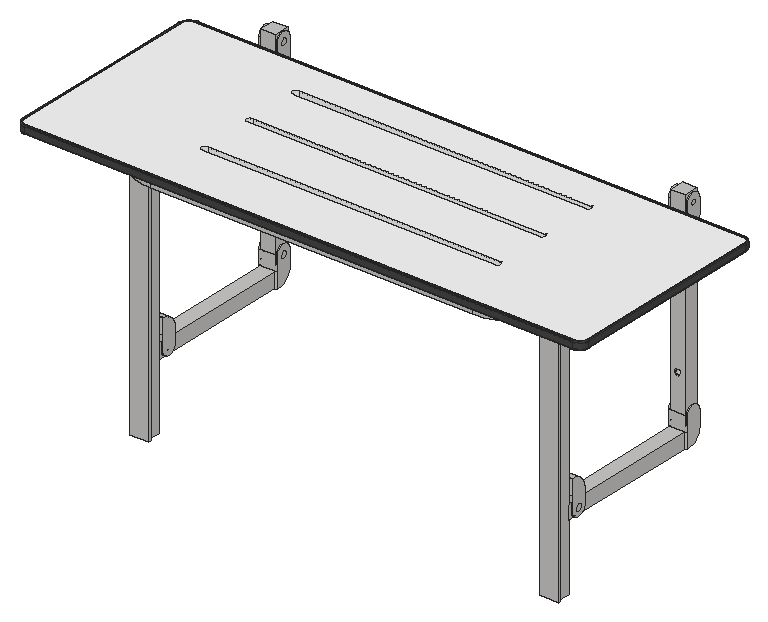
Revit family "Shower Seat_Metlam_Folding_Support Legs", category Specialty Equipment, Revit 2016
Family settings
  Part Type = Normal
  Round Connector Dimension = Use Diameter
  OmniClass Number = 23.45.05.14.11.17
  OmniClass Title = Shower/Bath Seats
  Work Plane-Based = No
  Always vertical = Yes
  Cut with Voids When Loaded = No
  Shared = No
  Room Calculation Point = Yes
Parameters (values of type "960w x 395d x 498h (ML995_CL)")
  URL = "http://www.metlam.com.au/"
  Type Comments = "Shower Seats"  # constant formula
  Model = "ML995_CL"
  Material_ANZRS = z_Metlam_White
  Frame_Material = z_Metlam_Metal_Stainless Steel_Satin
  Manufacturer_URL__Product Specific = "https://metlam.com.au/product/content/shower-seats-shower-related/ML995_CL"
  Manufacturer_Spec Code = Model  # "ML995_CL"
  Manufacturer_Overall Width = 960 mm  # constant formula
  Manufacturer_Overall Height = 498 mm  # constant formula
  Manufacturer_Overall Depth = 395 mm  # constant formula
  Manufacturer_Height From FFL [instance] = 476 mm
  Manufacturer = "Metlam"  # constant formula
  Keynote = ""
  Seat Edge_Material = z_Metlam_Black
  Description = "Compact Laminate Folding Shower Seat"  # constant formula
  CreatedBy_ANZRS = "IGS BIM Solutions"  # constant formula
  CreatedByURL_ANZRS = "http://www.igsgroup.com.au/"
  Assembly Code = ""
Reference planes
  plane 1 "Ref. Level": z = 0
  plane 2 "Front": y = -615.9
  plane 3 "Center (Left/Right)": x = -194.828
  plane 4 "Top": z = 498
  plane 5 "Right": x = 285.172
  plane 6 "Bottom": z = 0
  plane 7 "Left": x = -674.828
  plane 8 "Back": y = -220.9
  plane 9 "Center (Front/Back)": y = -418.4
  plane 10 "Mounting Height": z = 476
Forms (mm)
  Extrusion 1, solid, material "z_Metlam_White" <- "Material_ANZRS"
    sketch origin (0, 0, 498) x (-1, 0, 0) y (0, -1, 0)
      loop
        arc (434.915, 315.255) -> (441.015, 321.355) -> (434.915, 327.455) r 6.1
        line (434.915, 327.455) -> (-60.789, 327.455)
        arc (-60.789, 327.455) -> (-66.889, 321.355) -> (-60.789, 315.255) r 6.1
        line (-60.789, 315.255) -> (434.915, 315.255)
      loop
        arc (435.579, 412.145) -> (441.678, 418.245) -> (435.579, 424.345) r 6.1
        line (435.579, 424.345) -> (-60.126, 424.345)
        arc (-60.126, 424.345) -> (-66.226, 418.245) -> (-60.126, 412.145) r 6.1
        line (-60.126, 412.145) -> (435.579, 412.145)
      loop
        arc (434.25, 508.721) -> (440.349, 514.821) -> (434.25, 520.921) r 6.1
        line (434.25, 520.921) -> (-61.455, 520.921)
        arc (-61.455, 520.921) -> (-67.554, 514.821) -> (-61.455, 508.721) r 6.1
        line (-61.455, 508.721) -> (434.25, 508.721)
      loop
        arc (659.828, 255.354) -> (668.667, 259.015) -> (672.328, 267.854) r 12.5
        line (672.328, 267.854) -> (672.328, 600.9)
        arc (672.328, 600.9) -> (668.667, 609.738) -> (659.828, 613.4) r 12.5
        line (659.828, 613.4) -> (-270.172, 613.4)
        arc (-270.172, 613.4) -> (-279.011, 609.738) -> (-282.672, 600.9) r 12.5
        line (-282.672, 600.9) -> (-282.672, 267.854)
        arc (-282.672, 267.854) -> (-279.011, 259.015) -> (-270.172, 255.354) r 12.5
        line (-270.172, 255.354) -> (659.828, 255.354)
    from -35.011 to -22
  Extrusion 2, solid, material "z_Metlam_Metal_Stainless Steel_Satin" <- "Frame_Material"
    sketch origin (-688.842, 0, 0) x (0, 0, 1) y (0, -1, 0)
      loop
        line (498, 220.9) -> (498, 245.9) -> (147.965, 245.9) -> (147.965, 220.9) -> (498, 220.9)
    from 134.014 to 159.014
  Extrusion 3, solid, material "z_Metlam_Metal_Stainless Steel_Satin" <- "Frame_Material"
    sketch origin (-688.842, 0, 0) x (0, 0, 1) y (0, -1, 0)
      loop
        arc (461.532, 488.498) -> (454.463, 508.023) -> (436.532, 518.498) r 30.5
        line (436.532, 518.498) -> (436.532, 468.099)
        arc (436.532, 468.099) -> (449.032, 455.599) -> (461.532, 468.099) r 12.5
        line (461.532, 468.099) -> (461.532, 488.498)
      loop
        circle (449.134, 469.509) r 5
    from 130.514 to 162.514
  Extrusion 4, solid, material "z_Metlam_Metal_Stainless Steel_Satin" <- "Frame_Material"
    sketch origin (-692.342, 0, 0) x (0, 0, 1) y (0, -1, 0)
      loop
        line (436.532, 245.9) -> (436.532, 244.426)
        arc (436.532, 244.426) -> (443.423, 227.79) -> (460.059, 220.9) r 23.527
        line (460.059, 220.9) -> (485.36, 220.9)
        arc (485.36, 220.9) -> (497.86, 233.4) -> (485.36, 245.9) r 12.5
        line (485.36, 245.9) -> (436.532, 245.9)
      loop
        circle (482.794, 233.181) r 5
    from 134.014 to 166.014
  Extrusion 5, solid, material "z_Metlam_Metal_Stainless Steel_Satin" <- "Frame_Material"
    sketch origin (299.186, 0, 0) x (0, 0, 1) y (0, 1, 0)
      loop
        line (498, -220.9) -> (147.965, -220.9) -> (147.965, -245.9) -> (498, -245.9) -> (498, -220.9)
    from 134.014 to 159.014
  Extrusion 6, solid, material "z_Metlam_Metal_Stainless Steel_Satin" <- "Frame_Material"
    sketch origin (299.186, 0, 0) x (0, 0, 1) y (0, 1, 0)
      loop
        line (461.532, -488.498) -> (461.532, -468.099)
        arc (461.532, -468.099) -> (449.032, -455.599) -> (436.532, -468.099) r 12.5
        line (436.532, -468.099) -> (436.532, -518.498)
        arc (436.532, -518.498) -> (454.463, -508.023) -> (461.532, -488.498) r 30.5
    from 130.514 to 162.514
  Extrusion 7, solid, material "z_Metlam_Metal_Stainless Steel_Satin" <- "Frame_Material"
    sketch origin (302.686, 0, 0) x (0, 0, 1) y (0, 1, 0)
      loop
        line (436.532, -245.9) -> (485.36, -245.9)
        arc (485.36, -245.9) -> (497.86, -233.4) -> (485.36, -220.9) r 12.5
        line (485.36, -220.9) -> (460.059, -220.9)
        arc (460.059, -220.9) -> (443.423, -227.79) -> (436.532, -244.426) r 23.527
        line (436.532, -244.426) -> (436.532, -245.9)
      loop
        circle (482.794, -233.181) r 5
    from 134.014 to 166.014
  Extrusion 8, solid, material "z_Metlam_Metal_Stainless Steel_Satin" <- "Frame_Material"
    sketch origin (140.416, 0, 0) x (0, 0, 1) y (0, -1, 0)
      loop
        line (138.155, 493.498) -> (113.093, 493.498) -> (113.093, 245.9) -> (138.155, 245.9) -> (138.155, 493.498)
    from -0.244 to 24.756
  Extrusion 9, void
    sketch origin (0, -220.9, 0) x (-1, 0, 0) y (0, 0, -1)
      loop
        circle (-152.672, -413) r 5
      loop
        circle (-152.672, -225) r 5
      loop
        circle (542.328, -413) r 5
      loop
        circle (542.328, -225) r 5
    from 0 to 25
  Sweep 10, solid, material "z_Metlam_Metal_Stainless Steel_Satin" <- "Frame_Material"
    path origin (0, 0, 498) x (-1, 0, 0) y (0, -1, 0)
      loop
        line (-152.672, 245.9) -> (-152.672, 500.354)
        arc (-152.672, 500.354) -> (-130.705, 553.387) -> (-77.672, 575.354) r 75
        line (-77.672, 575.354) -> (467.328, 575.354)
        arc (467.328, 575.354) -> (520.361, 553.387) -> (542.328, 500.354) r 75
        line (542.328, 500.354) -> (542.328, 245.9)
    profile origin (-542.328, -373.127, 498) x (-1, 0, 0) y (0, 0, 1)
      loop
        line (12.5, -35.011) -> (-12.5, -35.011) -> (-12.5, -61.468) -> (12.5, -61.468) -> (12.5, -35.011)
  Extrusion 11, solid, material "z_Metlam_Metal_Stainless Steel_Satin" <- "Frame_Material"
    sketch origin (168.672, 0, 0) x (0, 0, 1) y (0, 1, 0)
      loop
        line (162.885, -220.9) -> (136.861, -220.9)
        arc (136.861, -220.9) -> (120.055, -227.861) -> (113.093, -244.667) r 23.768
        line (113.093, -244.667) -> (113.093, -245.9) -> (162.885, -245.9)
        arc (162.885, -245.9) -> (175.385, -233.4) -> (162.885, -220.9) r 12.5
    from 0 to 32
  Extrusion 12, solid, material "z_Metlam_Metal_Stainless Steel_Satin" <- "Frame_Material"
    sketch origin (-558.328, 0, 0) x (0, 0, 1) y (0, -1, 0)
      loop
        arc (162.885, 220.9) -> (175.385, 233.4) -> (162.885, 245.9) r 12.5
        line (162.885, 245.9) -> (113.093, 245.9) -> (113.093, 244.667)
        arc (113.093, 244.667) -> (120.055, 227.861) -> (136.861, 220.9) r 23.768
        line (136.861, 220.9) -> (162.885, 220.9)
    from 0 to 32
  Extrusion 13, solid, material "z_Metlam_Metal_Stainless Steel_Satin" <- "Frame_Material"
    sketch origin (0, 0, 498) x (-1, 0, 0) y (0, -1, 0)
      loop
        arc (-136.672, 245.9) -> (-139.147, 246.925) -> (-140.172, 249.4) r 3.5
        line (-140.172, 249.4) -> (-140.172, 245.9) -> (-136.672, 245.9)
      loop
        line (-168.672, 245.9) -> (-165.172, 245.9) -> (-165.172, 249.4)
        arc (-165.172, 249.4) -> (-166.197, 246.925) -> (-168.672, 245.9) r 3.5
      loop
        line (526.328, 245.9) -> (529.828, 245.9) -> (529.828, 249.4)
        arc (529.828, 249.4) -> (528.803, 246.925) -> (526.328, 245.9) r 3.5
      loop
        arc (558.328, 245.9) -> (555.853, 246.925) -> (554.828, 249.4) r 3.5
        line (554.828, 249.4) -> (554.828, 245.9) -> (558.328, 245.9)
    from -61.468 to -36.468
  Extrusion 14, solid, material "z_Metlam_Metal_Stainless Steel_Satin" <- "Frame_Material"
    sketch origin (0, 0, 0) x (-1, 0, 0) y (0, -1, 0)
      loop
        arc (-136.672, 245.9) -> (-139.147, 246.925) -> (-140.172, 249.4) r 3.5
        line (-140.172, 249.4) -> (-140.172, 245.9) -> (-136.672, 245.9)
      loop
        line (-165.172, 245.9) -> (-165.172, 249.4)
        arc (-165.172, 249.4) -> (-166.197, 246.925) -> (-168.672, 245.9) r 3.5
        line (-168.672, 245.9) -> (-165.172, 245.9)
      loop
        line (526.328, 245.9) -> (529.828, 245.9) -> (529.828, 249.4)
        arc (529.828, 249.4) -> (528.803, 246.925) -> (526.328, 245.9) r 3.5
      loop
        line (554.828, 245.9) -> (558.328, 245.9)
        arc (558.328, 245.9) -> (555.853, 246.925) -> (554.828, 249.4) r 3.5
        line (554.828, 249.4) -> (554.828, 245.9)
    from 113.093 to 138.155
  Extrusion 15, solid, material "z_Metlam_Metal_Stainless Steel_Satin" <- "Frame_Material"
    sketch origin (-530.072, 0, 0) x (0, 0, 1) y (0, 1, 0)
      loop
        line (138.155, -493.498) -> (138.155, -245.9) -> (113.093, -245.9) -> (113.093, -493.498) -> (138.155, -493.498)
    from -0.244 to 24.756
  Extrusion 16, solid, material "z_Metlam_Metal_Stainless Steel_Satin" <- "Frame_Material"
    sketch origin (171.672, 0, 0) x (0, 0, 1) y (0, 1, 0)
      loop
        circle (159.423, -233.678) r 5
      loop
        circle (482.794, -233.181) r 5
      loop
        circle (449.134, -469.509) r 5
    from 3 to 35
  Extrusion 17, solid, material "z_Metlam_Metal_Stainless Steel_Satin" <- "Frame_Material"
    sketch origin (-561.328, 0, 0) x (0, 0, 1) y (0, -1, 0)
      loop
        circle (159.423, 233.678) r 5
      loop
        circle (482.794, 233.181) r 5
      loop
        circle (449.134, 469.509) r 5
    from 3 to 35
  Extrusion 18, solid, material "z_Metlam_Metal_Stainless Steel_Satin" <- "Frame_Material"
    sketch origin (168.672, -246.098, 2088.478) x (0, 0, -1) y (0, -1, 0)
      loop
        arc (1962.885, 218.4) -> (1975.385, 230.9) -> (1962.885, 243.4) r 12.5
        line (1962.885, 243.4) -> (1913.093, 243.4) -> (1913.093, 242.167)
        arc (1913.093, 242.167) -> (1920.055, 225.361) -> (1936.861, 218.4) r 23.768
        line (1936.861, 218.4) -> (1962.885, 218.4)
    from 0 to 32
  Extrusion 19, solid, material "z_Metlam_Metal_Stainless Steel_Satin" <- "Frame_Material"
    sketch origin (165.172, 0, 0) x (0, 0, 1) y (0, 1, 0)
      loop
        line (175.385, -489.498) -> (150.385, -489.498) -> (150.385, -493.498) -> (175.385, -493.498) -> (175.385, -489.498)
    from 0 to 25
  Extrusion 20, solid, material "z_Metlam_Metal_Stainless Steel_Satin" <- "Frame_Material"
    sketch origin (-554.828, 0, 0) x (0, 0, 1) y (0, -1, 0)
      loop
        line (175.385, 489.498) -> (175.385, 493.498) -> (150.385, 493.498) -> (150.385, 489.498) -> (175.385, 489.498)
    from 0 to 25
  Extrusion 21, solid, material "z_Metlam_Metal_Stainless Steel_Satin" <- "Frame_Material"
    sketch origin (171.672, 0, 0) x (0, 0, 1) y (0, 1, 0)
      loop
        circle (126.647, -476.998) r 5
    from 3 to 35
  Extrusion 22, solid, material "z_Metlam_Metal_Stainless Steel_Satin" <- "Frame_Material"
    sketch origin (-561.328, 0, 0) x (0, 0, 1) y (0, -1, 0)
      loop
        circle (126.647, 476.998) r 5
    from 3 to 35
  Extrusion 23, solid, material "z_Metlam_Metal_Stainless Steel_Satin" <- "Frame_Material"
    sketch origin (-558.328, -246.098, 2088.478) x (0, 0, -1) y (0, 1, 0)
      loop
        line (1962.885, -218.4) -> (1936.861, -218.4)
        arc (1936.861, -218.4) -> (1920.055, -225.361) -> (1913.093, -242.167) r 23.768
        line (1913.093, -242.167) -> (1913.093, -243.4) -> (1962.885, -243.4)
        arc (1962.885, -243.4) -> (1975.385, -230.9) -> (1962.885, -218.4) r 12.5
    from 0 to 32
  Extrusion 24, solid, material "z_Metlam_Metal_Stainless Steel_Satin" <- "Frame_Material"
    sketch origin (0, 0, 0) x (-1, 0, 0) y (0, -1, 0)
      loop
        arc (558.328, 489.498) -> (555.853, 490.523) -> (554.828, 492.998) r 3.5
        line (554.828, 492.998) -> (554.828, 489.498) -> (558.328, 489.498)
      loop
        line (526.328, 489.498) -> (529.828, 489.498) -> (529.828, 492.998)
        arc (529.828, 492.998) -> (528.803, 490.523) -> (526.328, 489.498) r 3.5
      loop
        line (-168.672, 489.498) -> (-165.172, 489.498) -> (-165.172, 492.998)
        arc (-165.172, 492.998) -> (-166.197, 490.523) -> (-168.672, 489.498) r 3.5
      loop
        arc (-136.672, 489.498) -> (-139.147, 490.523) -> (-140.172, 492.998) r 3.5
        line (-140.172, 492.998) -> (-140.172, 489.498) -> (-136.672, 489.498)
    from 150.385 to 175.385
  Extrusion 25, solid, material "z_Metlam_Metal_Stainless Steel_Satin" <- "Frame_Material"
    sketch origin (0, 0, 0) x (-1, 0, 0) y (0, -1, 0)
      loop
        line (558.328, 518.498) -> (526.328, 518.498) -> (526.328, 493.498) -> (558.328, 493.498) -> (558.328, 518.498)
      loop
        line (-168.672, 518.498) -> (-168.672, 493.498) -> (-136.672, 493.498) -> (-136.672, 518.498) -> (-168.672, 518.498)
    from 0 to 436.532
  Extrusion 26, void
    sketch origin (0, -615.9, 0) x (-1, 0, 0) y (0, 0, 1)
      loop
        line (526.328, 436.532) -> (526.328, 0) -> (529.828, 0) -> (529.828, 433.032)
        arc (529.828, 433.032) -> (528.803, 435.507) -> (526.328, 436.532) r 3.5
      loop
        arc (558.328, 436.532) -> (555.853, 435.507) -> (554.828, 433.032) r 3.5
        line (554.828, 433.032) -> (554.828, 0) -> (558.328, 0) -> (558.328, 436.532)
      loop
        arc (-136.672, 436.532) -> (-139.147, 435.507) -> (-140.172, 433.032) r 3.5
        line (-140.172, 433.032) -> (-140.172, 0) -> (-136.672, 0) -> (-136.672, 436.532)
      loop
        line (-168.672, 436.532) -> (-168.672, 0) -> (-165.172, 0) -> (-165.172, 433.032)
        arc (-165.172, 433.032) -> (-166.197, 435.507) -> (-168.672, 436.532) r 3.5
    from 99.902 to 124.902
  Sweep 27, solid, material "z_Metlam_Black" <- "Seat Edge_Material"
    path in 3D
      loop
        arc (270.172, -613.4, 476) -> (279.011, -609.738, 476) -> (282.672, -600.9, 476) r 12.5
        line (282.672, -600.9, 476) -> (282.672, -267.854, 476)
        arc (282.672, -267.854, 476) -> (279.011, -259.015, 476) -> (270.172, -255.354, 476) r 12.5
        line (270.172, -255.354, 476) -> (-659.828, -255.354, 476)
        arc (-659.828, -255.354, 476) -> (-668.667, -259.015, 476) -> (-672.328, -267.854, 476) r 12.5
        line (-672.328, -267.854, 476) -> (-672.328, -600.9, 476)
        arc (-672.328, -600.9, 476) -> (-668.667, -609.738, 476) -> (-659.828, -613.4, 476) r 12.5
        line (-659.828, -613.4, 476) -> (270.172, -613.4, 476)
    profile origin (-194.828, -613.4, 476) x (0, 1, 0) y (0, 0, 1)
      loop
        line (0, 0) -> (-1, 0)
        arc (-1, 0) -> (-2.061, -0.439) -> (-2.5, -1.5) r 1.5
        line (-2.5, -1.5) -> (-2.5, -11.511)
        arc (-2.5, -11.511) -> (-2.061, -12.572) -> (-1, -13.011) r 1.5
        line (-1, -13.011) -> (0, -13.011) -> (0, 0)
Cuts and joins
  Extrusion 9 cuts Extrusion 2
  Extrusion 9 cuts Extrusion 5
  joined: Extrusion 4, Extrusion 7, Extrusion 8, Sweep 10, Extrusion 11, Extrusion 12, Extrusion 13, Extrusion 14, Extrusion 15, Extrusion 18, Extrusion 19, Extrusion 20, Extrusion 23, Extrusion 24
  Extrusion 26 cuts Extrusion 25
Lines and regions (mm)
  Masking region 1
    outline origin (0, 0, 498) x (-1, 0, 0) y (0, -1, 0)
      loop
        line (-270.172, 252.854) -> (-165.172, 252.854)
        arc (-165.172, 252.854) -> (-166.364, 249.096) -> (-168.672, 245.9) r 12.455
        line (-168.672, 245.9) -> (-168.672, 220.9) -> (-136.672, 220.9) -> (-136.672, 245.9)
        arc (-136.672, 245.9) -> (-138.977, 249.097) -> (-140.172, 252.854) r 12.5
        line (-140.172, 252.854) -> (529.828, 252.854)
        arc (529.828, 252.854) -> (528.633, 249.097) -> (526.328, 245.9) r 12.5
        line (526.328, 245.9) -> (526.328, 220.9) -> (558.328, 220.9) -> (558.328, 245.9)
        arc (558.328, 245.9) -> (556.021, 249.096) -> (554.828, 252.854) r 12.455
        line (554.828, 252.854) -> (659.828, 252.854)
        arc (659.828, 252.854) -> (670.435, 257.247) -> (674.828, 267.854) r 15
        line (674.828, 267.854) -> (674.828, 600.9)
        arc (674.828, 600.9) -> (670.435, 611.506) -> (659.828, 615.9) r 15
        line (659.828, 615.9) -> (-270.172, 615.9)
        arc (-270.172, 615.9) -> (-280.778, 611.506) -> (-285.172, 600.9) r 15
        line (-285.172, 600.9) -> (-285.172, 267.854)
        arc (-285.172, 267.854) -> (-280.778, 257.247) -> (-270.172, 252.854) r 15
      loop
        arc (434.915, 315.255) -> (441.015, 321.355) -> (434.915, 327.455) r 6.1
        line (434.915, 327.455) -> (-60.789, 327.455)
        arc (-60.789, 327.455) -> (-66.889, 321.355) -> (-60.789, 315.255) r 6.1
        line (-60.789, 315.255) -> (434.915, 315.255)
      loop
        arc (435.579, 412.145) -> (441.678, 418.245) -> (435.579, 424.345) r 6.1
        line (435.579, 424.345) -> (-60.126, 424.345)
        arc (-60.126, 424.345) -> (-66.226, 418.245) -> (-60.126, 412.145) r 6.1
        line (-60.126, 412.145) -> (435.579, 412.145)
      loop
        arc (434.25, 508.721) -> (440.349, 514.821) -> (434.25, 520.921) r 6.1
        line (434.25, 520.921) -> (-61.455, 520.921)
        arc (-61.455, 520.921) -> (-67.554, 514.821) -> (-61.455, 508.721) r 6.1
        line (-61.455, 508.721) -> (434.25, 508.721)
  symbolic lines, style "Bathroom Fixtures", detail levels medium+fine
    curve 1: line (-558.328, -245.9, 498) -> (-526.328, -245.9, 498)
    curve 2: line (-554.828, -252.854, 498) -> (-529.828, -252.854, 498)
    curve 3: line (140.172, -252.854, 498) -> (165.172, -252.854, 498)
    curve 4: line (168.672, -245.9, 498) -> (136.672, -245.9, 498)
  sketch lines
    curve 5: line (-659.828, -613.4, 476) -> (270.172, -613.4, 476)
    curve 6: arc (282.672, -600.9, 476) -> (279.011, -609.738, 476) -> (270.172, -613.4, 476) r 12.5
    curve 7: line (282.672, -600.9, 476) -> (282.672, -267.854, 476)
    curve 8: arc (270.172, -255.354, 476) -> (279.011, -259.015, 476) -> (282.672, -267.854, 476) r 12.5
    curve 9: line (270.172, -255.354, 476) -> (-659.828, -255.354, 476)
    curve 10: arc (-672.328, -267.854, 476) -> (-668.667, -259.015, 476) -> (-659.828, -255.354, 476) r 12.5
    curve 11: line (-672.328, -267.854, 476) -> (-672.328, -600.9, 476)
    curve 12: arc (-659.828, -613.4, 476) -> (-668.667, -609.738, 476) -> (-672.328, -600.9, 476) r 12.5
Text (mm)
  text "> Contact Manufacturer to confirm feasibility of design variations outside the scope of this Revit Family\n\n\n\nDisclaimer:\n\nDue to ongoing product development and manufacturing evolution, product details are subject to change without notice. Please refer to product technical data sheets on the manufacturer’s website for the most current product information. Please allow a +/- 5mm manufacturing tolerance for dimensions and set-outs shown in product literature." at (515.291, -142.972, 0), in view "Ref. Level_Instruction"
Dimensions and locks
  "Manufacturer_Overall Width": plane 7 "Left" to plane 5 "Right"
  "Manufacturer_Overall Depth": plane 2 "Front" to plane 8 "Back"
  "Manufacturer_Height From FFL": plane 10 "Mounting Height" to level
  equal spacing: plane 2 "Front", plane 9 "Center (Front/Back)", plane 8 "Back"
  equal spacing: plane 7 "Left", plane 3 "Center (Left/Right)", plane 5 "Right"
  locked: plane 4 "Top" to plane 10 "Mounting Height" at 22
  plane 4 "Top" to plane 6 "Bottom" = 498 mm
  aligned and locked: level to plane 1 "Ref. Level"
  aligned and locked: cut or joined group 1 (Extrusion 4, Extrusion 7, Extrusion 8, Sweep 10, Extrusion 11, Extrusion 12, Extrusion 13, Extrusion 14, Extrusion 15, Extrusion 18, Extrusion 19, Extrusion 20, Extrusion 23, Extrusion 24) to cut or joined group 1
  aligned and locked: Extrusion 24 to cut or joined group 1  (x2)
  aligned and locked: Extrusion 19 to Extrusion 24
  aligned and locked: Extrusion 25 to cut or joined group 1
Automatic sketch dimensions
  curve 2 to curve 2 = 25 mm
  plane 5 "Right" to Sweep 10 sketch curve = 132.5 mm
  Sweep 10 sketch curve to Sweep 10 sketch curve = 75 mm  (x2)
  plane 7 "Left" to Sweep 10 sketch curve = 207.5 mm
  plane 8 "Back" to Sweep 10 sketch curve = 25 mm  (x2)
  Sweep 10 sketch curve to plane 9 "Center (Front/Back)" = 81.954 mm
  plane 8 "Back" to Extrusion 14 sketch curve = 28.5 mm
  plane 5 "Right" to Extrusion 14 sketch curve = 116.5 mm
  Extrusion 14 sketch curve to Extrusion 14 sketch curve = 3.5 mm  (x4)
  Extrusion 14 sketch curve to Extrusion 14 sketch curve = 25 mm  (x2)
  plane 8 "Back" to Extrusion 14 sketch curve = 25 mm  (x3)
  plane 7 "Left" to Extrusion 14 sketch curve = 148.5 mm
  plane 5 "Right" to Extrusion 24 sketch curve = 116.5 mm
  Extrusion 24 sketch curve to Extrusion 24 sketch curve = 3.5 mm  (x4)
  Extrusion 24 sketch curve to Extrusion 24 sketch curve = 25 mm  (x2)
  Extrusion 24 sketch curve to plane 9 "Center (Front/Back)" = 71.098 mm  (x2)
  plane 7 "Left" to Extrusion 24 sketch curve = 148.5 mm
  Extrusion 24 sketch curve to Extrusion 24 sketch curve = 0 mm  (x2)
  plane 8 "Back" to Extrusion 13 sketch curve = 25 mm  (x4)
  plane 5 "Right" to Extrusion 13 sketch curve = 116.5 mm
  Extrusion 13 sketch curve to Extrusion 13 sketch curve = 3.5 mm  (x4)
  Extrusion 13 sketch curve to Extrusion 13 sketch curve = 25 mm  (x2)
  plane 7 "Left" to Extrusion 13 sketch curve = 148.5 mm
  plane 5 "Right" to Extrusion 25 sketch curve = 116.5 mm
  Extrusion 25 sketch curve to Extrusion 25 sketch curve = 32 mm  (x2)
  plane 7 "Left" to Extrusion 25 sketch curve = 148.5 mm
  Extrusion 25 sketch curve to plane 9 "Center (Front/Back)" = 75.098 mm  (x2)
  Extrusion 25 sketch curve to Extrusion 25 sketch curve = 25 mm  (x2)
  plane 8 "Back" to curve 4 = 25 mm
  plane 5 "Right" to curve 4 = 148.5 mm
  plane 8 "Back" to curve 1 = 25 mm
  plane 7 "Left" to curve 1 = 148.5 mm
  Extrusion 2 sketch curve to plane 8 "Back" = 0 mm
  Extrusion 2 sketch curve to plane 4 "Top" = 0 mm
  plane 8 "Back" to Extrusion 2 sketch curve = 25 mm
  plane 6 "Bottom" to Extrusion 2 sketch curve = 147.965 mm
  Extrusion 3 sketch curve to plane 4 "Top" = 66.968 mm
  Extrusion 3 sketch curve to Extrusion 3 sketch curve = 5.5 mm
  Extrusion 3 sketch curve to Extrusion 3 sketch curve = 12.5 mm
  Extrusion 3 sketch curve to Extrusion 3 sketch curve = 0.102 mm
  Extrusion 3 sketch curve to plane 9 "Center (Front/Back)" = 49.699 mm
  Extrusion 3 sketch curve to Extrusion 3 sketch curve = 1.41 mm
  Extrusion 3 sketch curve to Extrusion 3 sketch curve = 20.399 mm
  Extrusion 4 sketch curve to plane 8 "Back" = 0 mm
  Extrusion 4 sketch curve to plane 4 "Top" = 61.468 mm
  Extrusion 4 sketch curve to Extrusion 4 sketch curve = 23.527 mm
  Extrusion 4 sketch curve to plane 4 "Top" = 15.206 mm
  Extrusion 4 sketch curve to Extrusion 4 sketch curve = 2.566 mm
  plane 8 "Back" to Extrusion 4 sketch curve = 12.282 mm
  Extrusion 4 sketch curve to Extrusion 4 sketch curve = 0.218 mm
  Extrusion 5 sketch curve to plane 8 "Back" = 0 mm
  Extrusion 5 sketch curve to plane 4 "Top" = 0 mm
  Extrusion 5 sketch curve to plane 8 "Back" = 25 mm
  Extrusion 5 sketch curve to plane 6 "Bottom" = 147.965 mm
  plane 4 "Top" to Extrusion 6 sketch curve = 66.968 mm
  Extrusion 6 sketch curve to Extrusion 6 sketch curve = 5.5 mm
  Extrusion 6 sketch curve to Extrusion 6 sketch curve = 12.5 mm
  plane 9 "Center (Front/Back)" to Extrusion 6 sketch curve = 49.699 mm
  Extrusion 6 sketch curve to Extrusion 6 sketch curve = 20.399 mm
  Extrusion 7 sketch curve to plane 8 "Back" = 0 mm
  plane 4 "Top" to Extrusion 7 sketch curve = 61.468 mm
  Extrusion 7 sketch curve to Extrusion 7 sketch curve = 23.527 mm
  plane 4 "Top" to Extrusion 7 sketch curve = 15.206 mm
  Extrusion 7 sketch curve to Extrusion 7 sketch curve = 2.566 mm
  Extrusion 7 sketch curve to plane 8 "Back" = 12.282 mm
  Extrusion 7 sketch curve to Extrusion 7 sketch curve = 0.218 mm
  plane 6 "Bottom" to Extrusion 8 sketch curve = 113.093 mm
  Extrusion 8 sketch curve to Extrusion 8 sketch curve = 25.062 mm
  plane 8 "Back" to Extrusion 8 sketch curve = 25 mm
  Extrusion 8 sketch curve to plane 9 "Center (Front/Back)" = 75.098 mm
  Extrusion 9 sketch curve to plane 5 "Right" = 132.5 mm  (x2)
  Extrusion 9 sketch curve to plane 7 "Left" = 132.5 mm  (x2)
  Extrusion 9 sketch curve to plane 6 "Bottom" = 225 mm  (x2)
  plane 4 "Top" to Extrusion 9 sketch curve = 85 mm  (x2)
  Extrusion 11 sketch curve to plane 8 "Back" = 0 mm
  Extrusion 11 sketch curve to plane 8 "Back" = 25 mm
  Extrusion 11 sketch curve to plane 6 "Bottom" = 113.093 mm
  Extrusion 11 sketch curve to Extrusion 11 sketch curve = 23.768 mm
  Extrusion 11 sketch curve to Extrusion 11 sketch curve = 26.024 mm
  Extrusion 12 sketch curve to plane 8 "Back" = 0 mm
  plane 8 "Back" to Extrusion 12 sketch curve = 25 mm
  plane 6 "Bottom" to Extrusion 12 sketch curve = 113.093 mm
  plane 8 "Back" to Extrusion 12 sketch curve = 23.768 mm
  Extrusion 12 sketch curve to Extrusion 12 sketch curve = 26.024 mm
  plane 6 "Bottom" to Extrusion 15 sketch curve = 113.093 mm
  Extrusion 15 sketch curve to Extrusion 15 sketch curve = 25.062 mm
  Extrusion 15 sketch curve to plane 9 "Center (Front/Back)" = 75.098 mm
  plane 8 "Back" to Extrusion 15 sketch curve = 25 mm
  Extrusion 16 sketch curve to plane 8 "Back" = 12.779 mm
  Extrusion 16 sketch curve to plane 6 "Bottom" = 159.423 mm
  plane 4 "Top" to Extrusion 16 sketch curve = 48.866 mm
  plane 4 "Top" to Extrusion 16 sketch curve = 15.206 mm
  Extrusion 16 sketch curve to plane 8 "Back" = 12.282 mm
  plane 9 "Center (Front/Back)" to Extrusion 16 sketch curve = 51.109 mm
  plane 8 "Back" to Extrusion 17 sketch curve = 12.779 mm
  plane 6 "Bottom" to Extrusion 17 sketch curve = 159.423 mm
  Extrusion 17 sketch curve to plane 4 "Top" = 48.866 mm
  Extrusion 17 sketch curve to plane 4 "Top" = 15.206 mm
  plane 8 "Back" to Extrusion 17 sketch curve = 12.282 mm
  Extrusion 17 sketch curve to plane 9 "Center (Front/Back)" = 51.109 mm
  plane 6 "Bottom" to Extrusion 18 sketch curve = 175.385 mm
  Extrusion 18 sketch curve to Extrusion 18 sketch curve = 23.768 mm
  Extrusion 18 sketch curve to Extrusion 18 sketch curve = 26.024 mm
  Extrusion 18 sketch curve to plane 9 "Center (Front/Back)" = 46.098 mm
  Extrusion 18 sketch curve to Extrusion 18 sketch curve = 12.5 mm
  plane 9 "Center (Front/Back)" to Extrusion 19 sketch curve = 71.098 mm
  Extrusion 19 sketch curve to plane 6 "Bottom" = 150.385 mm
  Extrusion 19 sketch curve to Extrusion 19 sketch curve = 25 mm
  Extrusion 19 sketch curve to Extrusion 19 sketch curve = 4 mm
  Extrusion 20 sketch curve to plane 9 "Center (Front/Back)" = 71.098 mm
  plane 6 "Bottom" to Extrusion 20 sketch curve = 150.385 mm
  Extrusion 20 sketch curve to Extrusion 20 sketch curve = 25 mm
  Extrusion 20 sketch curve to Extrusion 20 sketch curve = 4 mm
  plane 9 "Center (Front/Back)" to Extrusion 21 sketch curve = 58.598 mm
  Extrusion 21 sketch curve to plane 6 "Bottom" = 126.647 mm
  Extrusion 22 sketch curve to plane 9 "Center (Front/Back)" = 58.598 mm
  plane 6 "Bottom" to Extrusion 22 sketch curve = 126.647 mm
  plane 6 "Bottom" to Extrusion 23 sketch curve = 175.385 mm
  Extrusion 23 sketch curve to Extrusion 23 sketch curve = 23.768 mm
  Extrusion 23 sketch curve to Extrusion 23 sketch curve = 26.024 mm
  Extrusion 23 sketch curve to plane 9 "Center (Front/Back)" = 71.098 mm
  Extrusion 23 sketch curve to Extrusion 23 sketch curve = 1.232 mm
  Extrusion 26 sketch curve to plane 6 "Bottom" = 0 mm  (x4)
  plane 5 "Right" to Extrusion 26 sketch curve = 116.5 mm
  Extrusion 26 sketch curve to Extrusion 26 sketch curve = 3.5 mm  (x4)
  Extrusion 26 sketch curve to Extrusion 26 sketch curve = 25 mm  (x2)
  Extrusion 26 sketch curve to plane 4 "Top" = 61.468 mm
  plane 7 "Left" to Extrusion 26 sketch curve = 148.5 mm
  Extrusion 26 sketch curve to Extrusion 26 sketch curve = 0 mm  (x2)
  Extrusion 26 sketch curve to plane 4 "Top" = 64.968 mm
  Extrusion 1 sketch curve to plane 9 "Center (Front/Back)" = 96.422 mm
  plane 5 "Right" to Extrusion 1 sketch curve = 223.717 mm
  plane 9 "Center (Front/Back)" to Extrusion 1 sketch curve = 90.945 mm
  Extrusion 1 sketch curve to Extrusion 1 sketch curve = 0.665 mm  (x2)
  Extrusion 1 sketch curve to plane 9 "Center (Front/Back)" = 5.945 mm
  Extrusion 1 sketch curve to Extrusion 1 sketch curve = 1.329 mm  (x2)
  Extrusion 1 sketch curve to plane 9 "Center (Front/Back)" = 90.322 mm
  Extrusion 1 sketch curve to plane 3 "Center (Left/Right)" = 239.421 mm
  plane 9 "Center (Front/Back)" to Extrusion 1 sketch curve = 0.154 mm
  Extrusion 1 sketch curve to Extrusion 1 sketch curve = 6.1 mm
  plane 5 "Right" to Extrusion 1 sketch curve = 2.5 mm
  Extrusion 1 sketch curve to Extrusion 1 sketch curve = 12.5 mm  (x2)
  plane 7 "Left" to Extrusion 1 sketch curve = 15 mm  (x2)
  plane 7 "Left" to Extrusion 1 sketch curve = 2.5 mm
  plane 8 "Back" to Extrusion 1 sketch curve = 46.954 mm
  plane 2 "Front" to Extrusion 1 sketch curve = 15 mm
  Sweep 27 sketch curve to profile plane = 0 mm  (x2)
  profile plane to Sweep 27 sketch curve = 1 mm  (x2)
  Sweep 27 sketch curve to Sweep 27 sketch curve = 1.5 mm
  Sweep 27 sketch curve to Sweep 27 sketch curve = 10.011 mm
  curve 1 to curve 2 = 3.5 mm
  curve 2 to curve 1 = 3.5 mm
  curve 1 to curve 2 = 6.954 mm
  curve 3 to curve 4 = 3.5 mm
  curve 3 to curve 3 = 25 mm
  curve 4 to curve 3 = 3.5 mm
  curve 4 to curve 3 = 6.954 mm
  profile plane to Sweep 10 sketch curve = 12.5 mm
  Sweep 10 sketch curve to profile plane = 12.5 mm
  Sweep 10 sketch curve to plane 4 "Top" = 61.468 mm
  Sweep 10 sketch curve to Sweep 10 sketch curve = 26.456 mm
  Masking region 1 sketch curve to plane 5 "Right" = 0 mm
  Masking region 1 sketch curve to plane 2 "Front" = 0 mm
  plane 8 "Back" to Masking region 1 sketch curve = 0 mm  (x2)
  Masking region 1 sketch curve to plane 7 "Left" = 0 mm
  plane 5 "Right" to Masking region 1 sketch curve = 15 mm
  plane 2 "Front" to Masking region 1 sketch curve = 15 mm
  Masking region 1 sketch curve to Masking region 1 sketch curve = 92.682 mm
  Masking region 1 sketch curve to Masking region 1 sketch curve = 8.818 mm
  Masking region 1 sketch curve to Masking region 1 sketch curve = 3.5 mm  (x3)
  Masking region 1 sketch curve to Masking region 1 sketch curve = 25 mm  (x4)
  Masking region 1 sketch curve to Masking region 1 sketch curve = 32 mm
  Masking region 1 sketch curve to Masking region 1 sketch curve = 8.86 mm  (x2)
  Masking region 1 sketch curve to plane 9 "Center (Front/Back)" = 90.322 mm
  plane 5 "Right" to Masking region 1 sketch curve = 223.717 mm
  Masking region 1 sketch curve to Masking region 1 sketch curve = 67.022 mm
  Masking region 1 sketch curve to plane 9 "Center (Front/Back)" = 5.945 mm
  Masking region 1 sketch curve to Masking region 1 sketch curve = 1.329 mm  (x2)
  plane 2 "Front" to Masking region 1 sketch curve = 94.979 mm
  Masking region 1 sketch curve to plane 3 "Center (Left/Right)" = 239.421 mm
  Masking region 1 sketch curve to Masking region 1 sketch curve = 0.665 mm
  plane 9 "Center (Front/Back)" to Masking region 1 sketch curve = 0.154 mm
  plane 8 "Back" to Masking region 1 sketch curve = 33.817 mm
  Masking region 1 sketch curve to Masking region 1 sketch curve = 82.553 mm
  Masking region 1 sketch curve to Masking region 1 sketch curve = 12.318 mm
  plane 7 "Left" to Masking region 1 sketch curve = 15 mm  (x2)
  Masking region 1 sketch curve to Masking region 1 sketch curve = 8.817 mm
  Masking region 1 sketch curve to Masking region 1 sketch curve = 6.954 mm  (x3)
  plane 8 "Back" to Masking region 1 sketch curve = 94.356 mm
  Masking region 1 sketch curve to Masking region 1 sketch curve = 6.1 mm
  radius of Extrusion 3 sketch curve = 5 mm
  radius of Extrusion 4 sketch curve = 5 mm
  radius of Extrusion 7 sketch curve = 5 mm
  radius of Extrusion 9 sketch curve = 5 mm  (x4)
  radius of Extrusion 16 sketch curve = 5 mm  (x3)
  radius of Extrusion 17 sketch curve = 5 mm  (x3)
  radius of Extrusion 21 sketch curve = 5 mm
  radius of Extrusion 22 sketch curve = 5 mm
